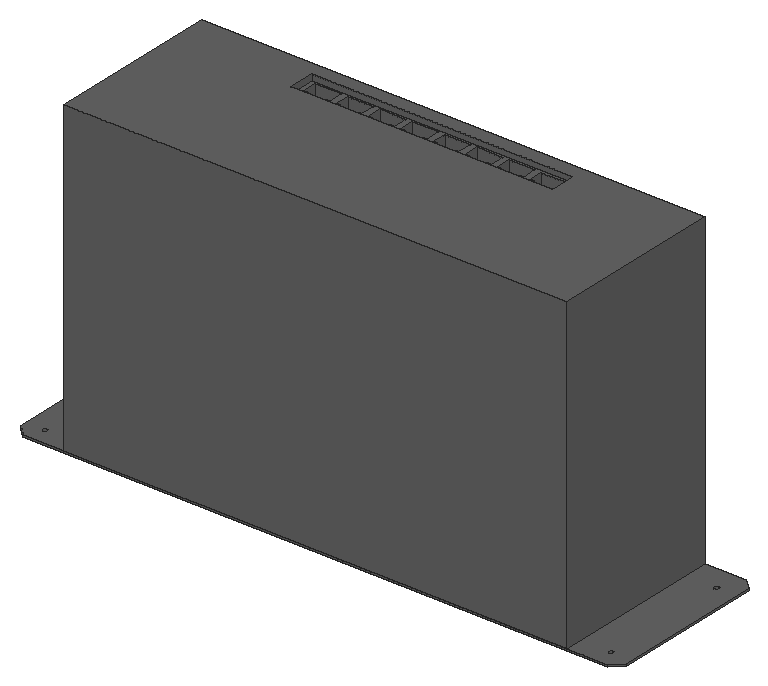
Revit family "БП8П_RV17_LOD400 (05.11.23)", category Электрооборудование, Revit 2017
Family settings
  Конфигурация панели = Два столбца, слева направо
  Размер круглого соединителя = Использовать диаметр
  Тип детали = Щит
  На основе рабочей плоскости = Да
  Всегда вертикально = Нет
  При загрузке вырезать с полостями = Нет
  Общий = Нет
  Точка расчета площади = Нет
Parameters (values of type "БК8П")
  Степень защиты от внешних воздействий в составе контроллера STS-504 = "IP54"
  Стандарт интерфейса связи = "10/ 100 / 1000 Base-T Ethernet"
  Стандарт РоЕ = "IEEE 802.3 af/at"
  Смещение_УГО_Y [instance] = 0 mm
  Смещение_УГО_X [instance] = 0 mm
  Размер таблицы MAC-адресов = "8К"
  Размер буфера пакетов, КБ = 512
  Раздел проекта [instance] = ""
  Раздел Спецификации [instance] = ""
  Потребляемый ток, не более, А = 2.2 A
  Default Elevation = 1219.2 mm
  Напряжение = "220"
  Мощность = "210"
  Максимальная мощность РоЕ на один порт, Вт = 30
  Количество коммутируемых портов Auto MDI/MDIX с поддержкой РоЕ, шт. = 8
  Диапазон рабочих температур, °С = "от – 40 до + 50"
  Время непрерывной работы, ч = "круглосуточно"
  В_Смещение_УГО_Y [instance] = Смещение_УГО_Y + 2000 mm  # 2000 mm
  В_Смещение_УГО_X [instance] = Смещение_УГО_X + 2000 mm  # 2000 mm
  d_короба = 20 mm
  ADSK_Размер_Ширина = 295 mm
  ADSK_Размер_Глубина = 152 mm
  ADSK_Размер_Высота = 84 mm
  ADSK_Примечание = ""
  ADSK_Наименование = "Коммутатор БК8П"
  ADSK_Масса = 3
  ADSK_Марка = "СТВФ.426471.089-02ПС\r\nСТВФ.426471.089-02ПС\r\nСТВФ.426471.089-02"
  ADSK_Количество = 1
  ADSK_Завод-изготовитель = "ООО «Основа Безопасности»"  # constant formula
  ADSK_Единица измерения = "шт."  # constant formula
  ADSK_URL страницы изделия = "https://stilsoft.ru/products/bk8p"
  ADSK_URL документации изделия = ""
Reference planes
  plane 1 "По центру (Вперед/Назад)": y = 0
  plane 2: z = 0
  plane 3 "По центру (Влево/Вправо)": x = 0
  plane 4: y = 2000
  plane 5: x = -2000
  plane 6: x = 0
  plane 7: y = 0
  plane 8: x = 147.5
  plane 9: x = -147.5
  plane 10: y = 42
  plane 11: y = -42
  plane 12: z = 152
Forms (mm)
  Extrusion 1, solid, material "Стена по умолчанию", detail levels medium+fine
    sketch origin (0, 42, 0) x (0, -1, 0) y (1, 0, 0)
      loop
        line (84, -142.5) -> (84, 142.5) -> (79, 147.5) -> (5, 147.5) -> (0, 142.5) -> (0, -142.5) -> (5, -147.5) -> (79, -147.5) -> (84, -142.5)
      loop
        circle (76.003, 137.769) r 1.047
      loop
        circle (12.145, 137.827) r 1.047
      loop
        circle (76.003, -137.769) r 1.047
      loop
        circle (7.997, -137.769) r 1.047
    from 0 to 1
  Extrusion 2, solid, material "Стена по умолчанию", detail levels medium+fine
    sketch origin (0, 42, 0) x (0, -1, 0) y (1, 0, 0)
      loop
        line (84, 122.5) -> (0, 122.5) -> (0, -122.5) -> (84, -122.5) -> (84, 122.5)
    from 1 to 152
  Extrusion 3, void
    sketch origin (0, 42, 152) x (-1, 0, 0) y (0, -1, 0)
      loop
        line (63.7, 19.356) -> (-63.7, 19.356) -> (-63.7, 6.4) -> (63.7, 6.4) -> (63.7, 19.356)
    from 0 to -3
  Extrusion 4, void
    sketch origin (0, 42, 152) x (-1, 0, 0) y (0, -1, 0)
      loop
        line (-61.705, 7.685) -> (-48.905, 7.685) -> (-48.905, 14.754) -> (-50.821, 14.754) -> (-50.821, 16.339) -> (-52.749, 16.339) -> (-52.749, 17.285) -> (-57.749, 17.285) -> (-57.749, 16.339) -> (-59.677, 16.339) -> (-59.677, 14.754) -> (-61.705, 14.754) -> (-61.705, 7.685)
    from -3 to -14
  Extrusion 5, void
    sketch origin (-110, 42, 152) x (-1, 0, 0) y (0, -1, 0)
      loop
        line (-61.705, 7.685) -> (-48.905, 7.685) -> (-48.905, 14.754) -> (-50.821, 14.754) -> (-50.821, 16.339) -> (-52.749, 16.339) -> (-52.749, 17.285) -> (-57.749, 17.285) -> (-57.749, 16.339) -> (-59.677, 16.339) -> (-59.677, 14.754) -> (-61.705, 14.754) -> (-61.705, 7.685)
    from -3 to -14
  Extrusion 6, void
    sketch origin (-15.714, 42, 152) x (-1, 0, 0) y (0, -1, 0)
      loop
        line (-61.705, 7.685) -> (-48.905, 7.685) -> (-48.905, 14.754) -> (-50.821, 14.754) -> (-50.821, 16.339) -> (-52.749, 16.339) -> (-52.749, 17.285) -> (-57.749, 17.285) -> (-57.749, 16.339) -> (-59.677, 16.339) -> (-59.677, 14.754) -> (-61.705, 14.754) -> (-61.705, 7.685)
    from -3 to -14
  Extrusion 7, void
    sketch origin (-31.429, 42, 152) x (-1, 0, 0) y (0, -1, 0)
      loop
        line (-61.705, 7.685) -> (-48.905, 7.685) -> (-48.905, 14.754) -> (-50.821, 14.754) -> (-50.821, 16.339) -> (-52.749, 16.339) -> (-52.749, 17.285) -> (-57.749, 17.285) -> (-57.749, 16.339) -> (-59.677, 16.339) -> (-59.677, 14.754) -> (-61.705, 14.754) -> (-61.705, 7.685)
    from -3 to -14
  Extrusion 8, void
    sketch origin (-47.143, 42, 152) x (-1, 0, 0) y (0, -1, 0)
      loop
        line (-61.705, 7.685) -> (-48.905, 7.685) -> (-48.905, 14.754) -> (-50.821, 14.754) -> (-50.821, 16.339) -> (-52.749, 16.339) -> (-52.749, 17.285) -> (-57.749, 17.285) -> (-57.749, 16.339) -> (-59.677, 16.339) -> (-59.677, 14.754) -> (-61.705, 14.754) -> (-61.705, 7.685)
    from -3 to -14
  Extrusion 9, void
    sketch origin (-62.857, 42, 152) x (-1, 0, 0) y (0, -1, 0)
      loop
        line (-61.705, 7.685) -> (-48.905, 7.685) -> (-48.905, 14.754) -> (-50.821, 14.754) -> (-50.821, 16.339) -> (-52.749, 16.339) -> (-52.749, 17.285) -> (-57.749, 17.285) -> (-57.749, 16.339) -> (-59.677, 16.339) -> (-59.677, 14.754) -> (-61.705, 14.754) -> (-61.705, 7.685)
    from -3 to -14
  Extrusion 10, void
    sketch origin (-78.571, 42, 152) x (-1, 0, 0) y (0, -1, 0)
      loop
        line (-61.705, 7.685) -> (-48.905, 7.685) -> (-48.905, 14.754) -> (-50.821, 14.754) -> (-50.821, 16.339) -> (-52.749, 16.339) -> (-52.749, 17.285) -> (-57.749, 17.285) -> (-57.749, 16.339) -> (-59.677, 16.339) -> (-59.677, 14.754) -> (-61.705, 14.754) -> (-61.705, 7.685)
    from -3 to -14
  Extrusion 11, void
    sketch origin (-94.286, 42, 152) x (-1, 0, 0) y (0, -1, 0)
      loop
        line (-61.705, 7.685) -> (-48.905, 7.685) -> (-48.905, 14.754) -> (-50.821, 14.754) -> (-50.821, 16.339) -> (-52.749, 16.339) -> (-52.749, 17.285) -> (-57.749, 17.285) -> (-57.749, 16.339) -> (-59.677, 16.339) -> (-59.677, 14.754) -> (-61.705, 14.754) -> (-61.705, 7.685)
    from -3 to -14
Cuts and joins
  Extrusion 3, Extrusion 4, Extrusion 5, Extrusion 6, Extrusion 7, Extrusion 8, Extrusion 9, Extrusion 10, Extrusion 11 cuts Extrusion 2
Dimensions and locks
  locked: plane 4 to plane 1 "По центру (Вперед/Назад)" at 2000
  locked: plane 5 to plane 3 "По центру (Влево/Вправо)" at 2000
  "В_Смещение_УГО_X": plane 5 to plane 6
  "В_Смещение_УГО_Y": plane 4 to plane 7
  "ADSK_Размер_Ширина": plane 9 to plane 8
  "ADSK_Размер_Высота": plane 10 to plane 11
  "ADSK_Размер_Глубина": plane 12 to level
  aligned and locked: level to plane 2
Automatic sketch dimensions
  Extrusion 1 sketch curve to plane 1 "По центру (Вперед/Назад)" = 42 mm
  Extrusion 1 sketch curve to plane 9 = 0 mm
  Extrusion 1 sketch curve to plane 8 = 0 mm
  Extrusion 1 sketch curve to plane 1 "По центру (Вперед/Назад)" = 37 mm  (x2)
  Extrusion 1 sketch curve to plane 1 "По центру (Вперед/Назад)" = 34.003 mm
  Extrusion 1 sketch curve to Extrusion 1 sketch curve = 7.145 mm
  Extrusion 1 sketch curve to plane 9 = 9.731 mm
  Extrusion 1 sketch curve to Extrusion 1 sketch curve = 68.005 mm
  Extrusion 1 sketch curve to plane 8 = 9.731 mm
  Extrusion 1 sketch curve to Extrusion 1 sketch curve = 63.858 mm
  Extrusion 1 sketch curve to Extrusion 1 sketch curve = 2.997 mm  (x2)
  Extrusion 1 sketch curve to plane 8 = 5 mm  (x2)
  Extrusion 1 sketch curve to Extrusion 1 sketch curve = 5 mm
  Extrusion 1 sketch curve to plane 9 = 5 mm  (x2)
  Extrusion 1 sketch curve to Extrusion 1 sketch curve = 4.731 mm
  Extrusion 1 sketch curve to plane 8 = 9.673 mm
  Extrusion 3 sketch curve to plane 1 "По центру (Вперед/Назад)" = 35.6 mm
  plane 3 "По центру (Влево/Вправо)" to Extrusion 3 sketch curve = 63.7 mm
  Extrusion 3 sketch curve to plane 3 "По центру (Влево/Вправо)" = 63.7 mm
  Extrusion 3 sketch curve to Extrusion 3 sketch curve = 12.956 mm
  Extrusion 4 sketch curve to plane 1 "По центру (Вперед/Назад)" = 34.315 mm
  plane 3 "По центру (Влево/Вправо)" to Extrusion 4 sketch curve = 61.705 mm
  Extrusion 4 sketch curve to Extrusion 4 sketch curve = 2.029 mm
  Extrusion 4 sketch curve to Extrusion 4 sketch curve = 1.928 mm  (x2)
  Extrusion 4 sketch curve to Extrusion 4 sketch curve = 5 mm
  Extrusion 4 sketch curve to Extrusion 4 sketch curve = 1.916 mm
  Extrusion 4 sketch curve to Extrusion 4 sketch curve = 7.068 mm  (x2)
  Extrusion 4 sketch curve to Extrusion 4 sketch curve = 1.585 mm  (x2)
  Extrusion 4 sketch curve to Extrusion 4 sketch curve = 0.947 mm
  Extrusion 5 sketch curve to plane 1 "По центру (Вперед/Назад)" = 34.315 mm
  Extrusion 5 sketch curve to plane 3 "По центру (Влево/Вправо)" = 48.295 mm
  Extrusion 5 sketch curve to Extrusion 5 sketch curve = 2.029 mm
  Extrusion 5 sketch curve to Extrusion 5 sketch curve = 1.928 mm  (x2)
  Extrusion 5 sketch curve to Extrusion 5 sketch curve = 5 mm
  Extrusion 5 sketch curve to Extrusion 5 sketch curve = 1.916 mm
  Extrusion 5 sketch curve to Extrusion 5 sketch curve = 7.068 mm  (x2)
  Extrusion 5 sketch curve to Extrusion 5 sketch curve = 1.585 mm  (x2)
  Extrusion 5 sketch curve to Extrusion 5 sketch curve = 0.947 mm
  Extrusion 6 sketch curve to plane 1 "По центру (Вперед/Назад)" = 34.315 mm
  plane 3 "По центру (Влево/Вправо)" to Extrusion 6 sketch curve = 45.991 mm
  Extrusion 6 sketch curve to Extrusion 6 sketch curve = 2.029 mm
  Extrusion 6 sketch curve to Extrusion 6 sketch curve = 1.928 mm  (x2)
  Extrusion 6 sketch curve to Extrusion 6 sketch curve = 5 mm
  Extrusion 6 sketch curve to Extrusion 6 sketch curve = 1.916 mm
  Extrusion 6 sketch curve to Extrusion 6 sketch curve = 7.068 mm  (x2)
  Extrusion 6 sketch curve to Extrusion 6 sketch curve = 1.585 mm  (x2)
  Extrusion 6 sketch curve to Extrusion 6 sketch curve = 0.947 mm
  Extrusion 7 sketch curve to plane 1 "По центру (Вперед/Назад)" = 34.315 mm
  plane 3 "По центру (Влево/Вправо)" to Extrusion 7 sketch curve = 30.277 mm
  Extrusion 7 sketch curve to Extrusion 7 sketch curve = 2.029 mm
  Extrusion 7 sketch curve to Extrusion 7 sketch curve = 1.928 mm  (x2)
  Extrusion 7 sketch curve to Extrusion 7 sketch curve = 5 mm
  Extrusion 7 sketch curve to Extrusion 7 sketch curve = 1.916 mm
  Extrusion 7 sketch curve to Extrusion 7 sketch curve = 7.068 mm  (x2)
  Extrusion 7 sketch curve to Extrusion 7 sketch curve = 1.585 mm  (x2)
  Extrusion 7 sketch curve to Extrusion 7 sketch curve = 0.947 mm
  plane 3 "По центру (Влево/Вправо)" to Extrusion 8 sketch curve = 14.563 mm
  Extrusion 8 sketch curve to Extrusion 8 sketch curve = 2.029 mm
  Extrusion 8 sketch curve to Extrusion 8 sketch curve = 1.928 mm  (x2)
  Extrusion 8 sketch curve to Extrusion 8 sketch curve = 5 mm
  plane 3 "По центру (Влево/Вправо)" to Extrusion 8 sketch curve = 1.763 mm
  Extrusion 8 sketch curve to plane 1 "По центру (Вперед/Назад)" = 34.315 mm
  Extrusion 8 sketch curve to Extrusion 8 sketch curve = 7.068 mm  (x2)
  Extrusion 8 sketch curve to Extrusion 8 sketch curve = 1.585 mm  (x2)
  Extrusion 8 sketch curve to Extrusion 8 sketch curve = 0.947 mm
  Extrusion 9 sketch curve to plane 3 "По центру (Влево/Вправо)" = 1.152 mm
  Extrusion 9 sketch curve to Extrusion 9 sketch curve = 2.029 mm
  Extrusion 9 sketch curve to Extrusion 9 sketch curve = 1.928 mm  (x2)
  Extrusion 9 sketch curve to Extrusion 9 sketch curve = 5 mm
  Extrusion 9 sketch curve to Extrusion 9 sketch curve = 1.916 mm
  Extrusion 9 sketch curve to plane 1 "По центру (Вперед/Назад)" = 34.315 mm
  Extrusion 9 sketch curve to Extrusion 9 sketch curve = 7.068 mm  (x2)
  Extrusion 9 sketch curve to Extrusion 9 sketch curve = 1.585 mm  (x2)
  Extrusion 9 sketch curve to Extrusion 9 sketch curve = 0.947 mm
  Extrusion 10 sketch curve to plane 1 "По центру (Вперед/Назад)" = 34.315 mm
  Extrusion 10 sketch curve to plane 3 "По центру (Влево/Вправо)" = 16.866 mm
  Extrusion 10 sketch curve to Extrusion 10 sketch curve = 2.029 mm
  Extrusion 10 sketch curve to Extrusion 10 sketch curve = 1.928 mm  (x2)
  Extrusion 10 sketch curve to Extrusion 10 sketch curve = 5 mm
  Extrusion 10 sketch curve to Extrusion 10 sketch curve = 1.916 mm
  Extrusion 10 sketch curve to Extrusion 10 sketch curve = 7.068 mm  (x2)
  Extrusion 10 sketch curve to Extrusion 10 sketch curve = 1.585 mm  (x2)
  Extrusion 10 sketch curve to Extrusion 10 sketch curve = 0.947 mm
  Extrusion 11 sketch curve to plane 1 "По центру (Вперед/Назад)" = 34.315 mm
  Extrusion 11 sketch curve to plane 3 "По центру (Влево/Вправо)" = 32.58 mm
  Extrusion 11 sketch curve to Extrusion 11 sketch curve = 2.029 mm
  Extrusion 11 sketch curve to Extrusion 11 sketch curve = 1.928 mm  (x2)
  Extrusion 11 sketch curve to Extrusion 11 sketch curve = 5 mm
  Extrusion 11 sketch curve to Extrusion 11 sketch curve = 1.916 mm
  Extrusion 11 sketch curve to Extrusion 11 sketch curve = 7.068 mm  (x2)
  Extrusion 11 sketch curve to Extrusion 11 sketch curve = 1.585 mm  (x2)
  Extrusion 11 sketch curve to Extrusion 11 sketch curve = 0.947 mm
  Extrusion 2 sketch curve to plane 1 "По центру (Вперед/Назад)" = 42 mm
  Extrusion 2 sketch curve to plane 8 = 25 mm
  Extrusion 2 sketch curve to Extrusion 2 sketch curve = 84 mm
  Extrusion 2 sketch curve to plane 9 = 25 mm
  radius of Extrusion 1 sketch curve = 1.047 mm  (x4)
Connectors
  electrical at (-54.732, 27.474, 138)
    settings: on cut or joined group 1 (Extrusion 2, Extrusion 3, Extrusion 4, Extrusion 5, Extrusion 6, Extrusion 7, Extrusion 8, Extrusion 9, Extrusion 10, Extrusion 11), index 1, voltage 0 V, apparent load 0 VA, apparent load phase1 0 VA, apparent load phase2 0 VA, apparent load phase3 0 VA, power factor 1, load classification "Прочее", number of poles 1, system type 14, power factor state 1, is connector primary yes, connector utility no, sub classification motor no, connector description ""
  electrical at (-39.018, 27.474, 138)
    settings: on cut or joined group 1, index 2, voltage 0 V, apparent load 0 VA, apparent load phase1 0 VA, apparent load phase2 0 VA, apparent load phase3 0 VA, power factor 1, load classification "Прочее", number of poles 1, system type 14, power factor state 1, is connector primary no, connector utility no, sub classification motor no, connector description ""
  electrical at (-23.304, 27.474, 138)
    settings: on cut or joined group 1, index 3, voltage 0 V, apparent load 0 VA, apparent load phase1 0 VA, apparent load phase2 0 VA, apparent load phase3 0 VA, power factor 1, load classification "Прочее", number of poles 1, system type 14, power factor state 1, is connector primary no, connector utility no, sub classification motor no, connector description ""
  electrical at (-7.589, 27.474, 138)
    settings: on cut or joined group 1, index 4, voltage 0 V, apparent load 0 VA, apparent load phase1 0 VA, apparent load phase2 0 VA, apparent load phase3 0 VA, power factor 1, load classification "Прочее", number of poles 1, system type 14, power factor state 1, is connector primary no, connector utility no, sub classification motor no, connector description ""
  electrical at (8.125, 27.474, 138)
    settings: on cut or joined group 1, index 5, voltage 0 V, apparent load 0 VA, apparent load phase1 0 VA, apparent load phase2 0 VA, apparent load phase3 0 VA, power factor 1, load classification "Прочее", number of poles 1, system type 14, power factor state 1, is connector primary no, connector utility no, sub classification motor no, connector description ""
  electrical at (23.839, 27.474, 138)
    settings: on cut or joined group 1, index 6, voltage 0 V, apparent load 0 VA, apparent load phase1 0 VA, apparent load phase2 0 VA, apparent load phase3 0 VA, power factor 1, load classification "Прочее", number of poles 1, system type 14, power factor state 1, is connector primary no, connector utility no, sub classification motor no, connector description ""
  electrical at (39.553, 27.474, 138)
    settings: on cut or joined group 1, index 7, voltage 0 V, apparent load 0 VA, apparent load phase1 0 VA, apparent load phase2 0 VA, apparent load phase3 0 VA, power factor 1, load classification "Прочее", number of poles 1, system type 14, power factor state 1, is connector primary no, connector utility no, sub classification motor no, connector description ""
  electrical at (55.268, 27.474, 138)
    settings: on cut or joined group 1, index 8, voltage 0 V, apparent load 0 VA, apparent load phase1 0 VA, apparent load phase2 0 VA, apparent load phase3 0 VA, power factor 1, load classification "Прочее", number of poles 1, system type 14, power factor state 1, is connector primary no, connector utility no, sub classification motor no, connector description ""
  cabletrayconduit at (-54.732, 27.474, 138), diameter 20, driven by "d_короба"
    settings: on cut or joined group 1, index 9, connector width 300 mm, connector height 300 mm, connector angle 0.00°, system type 32, placement type 0, profile type 0, connector reference index -1, is primary connector yes, connector utility param no, connector description ""
  cabletrayconduit at (-39.018, 27.474, 138), diameter 20, driven by "d_короба"
    settings: on cut or joined group 1, index 10, connector width 300 mm, connector height 300 mm, connector angle 0.00°, system type 32, placement type 0, profile type 0, connector reference index -1, is primary connector no, connector utility param no, connector description ""
  cabletrayconduit at (-23.304, 27.474, 138), diameter 20, driven by "d_короба"
    settings: on cut or joined group 1, index 11, connector width 300 mm, connector height 300 mm, connector angle 0.00°, system type 32, placement type 0, profile type 0, connector reference index -1, is primary connector no, connector utility param no, connector description ""
  cabletrayconduit at (-7.589, 27.474, 138), diameter 20, driven by "d_короба"
    settings: on cut or joined group 1, index 12, connector width 300 mm, connector height 300 mm, connector angle 0.00°, system type 32, placement type 0, profile type 0, connector reference index -1, is primary connector no, connector utility param no, connector description ""
  cabletrayconduit at (8.125, 27.474, 149), diameter 20, driven by "d_короба"
    settings: on cut or joined group 1, index 13, connector width 300 mm, connector height 300 mm, connector angle 0.00°, system type 32, placement type 0, profile type 0, connector reference index -1, is primary connector no, connector utility param no, connector description ""
  cabletrayconduit at (23.839, 27.474, 149), diameter 20, driven by "d_короба"
    settings: on cut or joined group 1, index 14, connector width 300 mm, connector height 300 mm, connector angle 0.00°, system type 32, placement type 0, profile type 0, connector reference index -1, is primary connector no, connector utility param no, connector description ""
  cabletrayconduit at (39.553, 27.474, 149), diameter 20, driven by "d_короба"
    settings: on cut or joined group 1, index 15, connector width 300 mm, connector height 300 mm, connector angle 0.00°, system type 32, placement type 0, profile type 0, connector reference index -1, is primary connector no, connector utility param no, connector description ""
  cabletrayconduit at (55.268, 27.474, 149), diameter 20, driven by "d_короба"
    settings: on cut or joined group 1, index 16, connector width 300 mm, connector height 300 mm, connector angle 0.00°, system type 32, placement type 0, profile type 0, connector reference index -1, is primary connector no, connector utility param no, connector description ""
